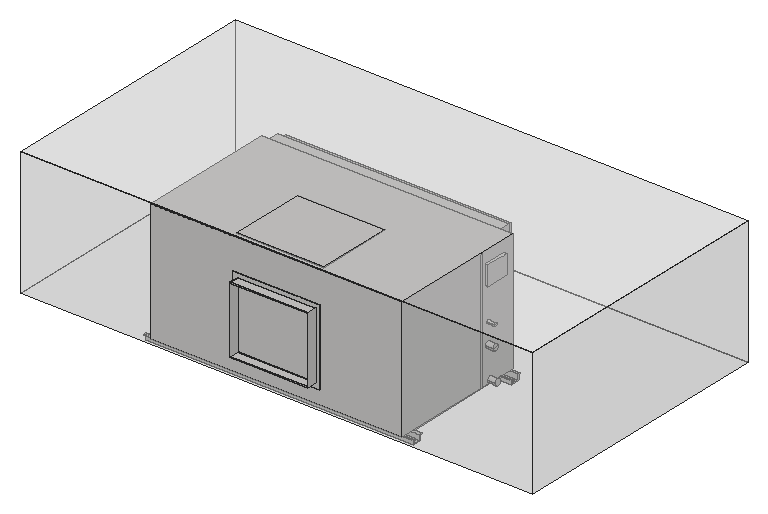
Revit family "outputfile", category 機械設備, Revit 2024
Family settings
  丸型コネクタ寸法 = 半径を使用
  パーツ タイプ = 標準
  OmniClass 番号 = 23.75.10.24.21.27.27
  OmniClass タイトル = Split System Air Conditioning Units
  作業面ベース = いいえ
  常に垂直 = はい
  ロード時にボイドで切り取り = いいえ
  注釈の向きを維持 = いいえ
  共有 = いいえ
  部屋計算ポイント = はい
Parameters (values of type "FBHN150HBY1C")
  Description = ""
  書き出し IFC クラス(タイプ) = "IfcUnitaryEquipmentType"
  定義済み IFC タイプ(タイプ) = "AIRCONDITIONINGUNIT"
  Cost = 0
  Type Comments = ""
  Keynote = ""
  Type Image = (empty or 0)
  Assembly Code = ""
  switch_frequency = yes
  lw_power = 780 mm
  lw_box = 21 mm
  lw_RA = 733.5 mm
  lh_liquidpipe_2 = 738 mm
  lh_height_SA = 408 mm
  lh_ld_mountinghole_height = 35 mm
  lh_height_RA = 646 mm
  lh_hangerfixture = 35 mm
  lh_gaspipe_2 = 638 mm
  lh_box_top = 65 mm
  lh_box = 120 mm
  lh_SA = 351 mm
  lh_RA = 413 mm
  ld_depth_SA = 60 mm
  ld_depth_RA = 130 mm
  ld_box_left = 630 mm
  ld_box = 141 mm
  connector_voltage = 0 V
  connector_powerinput = [Power Input (Cooling)]  # 14.800 kW
  connector_phase = 1
  Voltage_comment_50Hz = "380 - 415"
  Voltage_50Hz = 400 V
  URL = ""
  Supply Air Direction [instance] = yes
  製造元 = "Daikin"
  モデル = "FBHN150HBY1C"
  w_pipe = 33 mm
  r_Liquid Pipe Size = Liquid Pipe Size / 2  # 7.95 mm
  r_Gas Pipe Size = Gas Pipe Size / 2  # 17.45 mm
  r_Drain Pipe Size = Drain Pipe Size / 2  # 17.0 mm
  lw_width_RA = 1377 mm
  lw_width_SA = 474 mm
  ld_suctionflange [instance] = 190 mm
  ld_powersupply = 275 mm
  Sound Power Level_H speed (dB) = 0
  Phase_50Hz = 3
  Minimum External Static Pressure = 0.00 Pa
  Minimum Circuit Amps_50Hz = 0.0 A
  Maximum Fuse Amps_50Hz = 0.0 A
  Maximum External Static Pressure = 150.00 Pa
  Material_Casing = DAIKIN_GalvanizedSteel_Casing_indoorunit
  lw_liquidpipe = 822 mm
  lw_gaspipe = 822 mm
  lw_mountinghole_pitch = 1600 mm
  lw_mountinghole = 1640 mm
  lw_drainpipe = 822 mm
  lh_powersupply = 425 mm
  lh_liquidpipe = 384 mm
  lh_gaspipe = 259 mm
  lh_mountinghole = 2.3 mm
  lh_drainpipe = 61 mm
  lh_antena = Height - lh_mountinghole + 1 mm  # 774.7 mm
  ld_liquidpipe = 225 mm
  ld_gaspipe = 225 mm
  ld_mountinghole_pitch = 754 mm
  ld_drainpipe = 242 mm
  h*** = 0 mm  # constant formula
  d_dischargeflange = ld_depth_SA  # 60 mm
  Width = 1540 mm
  Version = "ver.1.0"
  Unit Type = "Duct"
  Unit Mass Weight = 159.00 kg
  Unit Designation [instance] = ""
  Uniclass2015Version = "Products v1.30"
  Uniclass2015Title = "Split coil room air conditioning units"
  Uniclass2015Code = "Pr_70_65_03_86"
  Total Cooling Capacity [instance] = 0.000 kW
  Sound Pressure Level_M speed (dBA) = 0
  Sound Pressure Level_L speed (dBA) = 0
  Sound Pressure Level_H speed (dBA) = 55
  Series = "Package Aircon_Fan Coil Unit"
  Sensible Cooling Capacity [instance] = 0.000 kW
  SA Duct Size Width = 474 mm
  SA Duct Size Height = 408 mm
  Refrigerant Type = "R410A"
  RA Duct Size Width = 1377 mm
  RA Duct Size Height = 646 mm
  Power Input (Cooling) = 14.800 kW
  Option Accessory 3 [instance] = ""
  Option Accessory 2 [instance] = ""
  Option Accessory 1 [instance] = ""
  Nominal Cooling Capacity = 44.000 kW
  Minimum Airflow = 0.00 m³/h
  Median Airflow = 0.00 m³/h
  Maximum Airflow = 7646.00 m³/h
  Load Classification = HVAC
  Liquid Pipe Size = 15.9 mm
  Link_Nested Family [instance] = ""
  IfcVersion = ""
  IfcExportType = "AIRCONDITIONINGUNIT"
  IfcExportAs = "IfcUnitaryEquipmentType"
  Height = 776 mm
  Heat Exchanger Type = "Cross Fin Coil"
  Gas Pipe Size = 34.9 mm
  Frequency_50Hz = 50 Hz
  Fan Type = "Sirocco Fan"
  Fan Drive = "-"
  FCU Tag No. [instance] = ""
  Drain Pipe Size = 34.0 mm
  Design Supply Airflow [instance] = 0.00 m³/h
  Design Return Airflow [instance] = 0.00 m³/h
  Design External Static Pressure [instance] = 0.00 Pa
  Depth = 850 mm
  既定の高さ = 0 mm
  Cooling Entering Wet Bulb Temperature [instance] = 0.00 °C
  Cooling Entering Dry Bulb Temperature [instance] = 0.00 °C
  Cooling Ambient Wet Bulb Temperature [instance] = 0.00 °C
  Cooling Ambient Dry Bulb Temperature [instance] = 0.00 °C
  Clearance visibility [instance] = yes
  Clearance Top = 0 mm
  Clearance Right = 800 mm
  Clearance Rear = 800 mm
  Clearance Left = 800 mm
  Clearance Front = 0 mm
  Clearance Bottom = 0 mm
Reference planes
  plane 1 "Center (Front/Back)": y = 0
  plane 2: z = 0
  plane 3 "Center (Left/Right)": x = 0
  plane 4 "Back": y = 425
  plane 5 "Front": y = -425
  plane 6 "Left": x = -770
  plane 7 "Right": x = 770
  plane 8 "Top": z = 0
  plane 9 "Bottom": z = -776
  plane 10: z = -392
  plane 11: z = -517
  plane 12: x = -800
  plane 13: x = 800
  plane 14: x = 822
  plane 15: x = 822
  plane 16: z = -773.7
  plane 17 "Clearance Left": x = -1570
  plane 18 "Clearance Right": x = 1570
  plane 19 "Clearance Rear": y = 1225
  plane 20 "Clearance Front": y = -425
  plane 21 "Clearance Bottom": z = -776
  plane 22: z = -715
  plane 23 "ld_gas": y = 225
  plane 24: y = 225
  plane 25: y = -30
  plane 26: y = 242
  plane 27: y = 235
  plane 28: x = 822
  plane 29: y = 377
  plane 30: y = -377
  plane 31: y = -485
  plane 32: y = 555
  plane 33 "Clearance Top": z = 0
  plane 34: z = -351
  plane 35: y = 275
  plane 36 "hangerfixture": z = -741
  plane 37 "lh_SA": z = -425
  plane 38 "lh_RA": z = -363
  plane 39 "RA_center": x = -36.5
  plane 40: x = 886
  plane 41: x = 791
  plane 42: y = 205
  plane 43: y = 346
  plane 44 "box_bottom": z = -185
  plane 45 "box_top": z = -65
  plane 46: x = -267
  plane 47: x = 267
  plane 48: y = -394.5
  plane 49: y = 73.5
  plane 50 "lw_power": x = 780
  plane 51: z = -38
  plane 52: z = -138
  plane 53: z = -1
Forms (mm)
  Extrusion 1, solid, material "DAIKIN_GalvanizedSteel_Casing_indoorunit" <- "Material_Casing"
    sketch origin (0, -0.8, 0) x (1, 0, 0) y (0, 1, 0)
      loop
        line (-770, -424.2) -> (770, -424.2) -> (770, 425.8) -> (-770, 425.8) -> (-770, -424.2)
    from -741 to -1
  Revolve 2, solid, material "DAIKIN_GalvanizedSteel_Casing_indoorunit" <- "Material_Casing"
    sketch origin (0, 0, -517) x (0, -1, 0) y (1, 0, 0)
      loop
        line (-207.55, 770) -> (-207.55, 822) -> (-225, 822) -> (-225, 770) -> (-207.55, 770)
      axis (-225, 770) -> (-225, 822)
    angle from 0 to 360
  Revolve 3, solid, material "DAIKIN_GalvanizedSteel_Casing_indoorunit" <- "Material_Casing"
    sketch origin (0, 0, -392) x (0, -1, 0) y (1, 0, 0)
      loop
        line (-225, 770) -> (-225, 822) -> (-232.95, 822) -> (-232.95, 770) -> (-225, 770)
      axis (-225, 822) -> (-225, 770)
    angle from 0 to 360
  Extrusion 4, solid, material "DAIKIN_GalvanizedSteel_Casing_indoorunit" <- "Material_Casing"
    sketch origin (0, 0, 0) x (0, 1, 0) y (0, 0, 1)
      loop
        circle (242, -715) r 17
    from 822 to 770
  Extrusion 5, solid, material "DAIKIN_GalvanizedSteel_Casing_indoorunit" <- "Material_Casing"
    sketch origin (0, 0, 0) x (1, 0, 0) y (0, 1, 0)
      loop
        line (791, 205) -> (791, 346) -> (770, 346) -> (770, 205) -> (791, 205)
    from -185 to -65
  Extrusion 6, solid, material "DAIKIN_GalvanizedSteel_Casing_indoorunit" <- "Material_Casing"
    sketch origin (0, 0, 0) x (-1, 0, 0) y (0, -1, 0)
      loop
        line (267, -73.5) -> (267, 394.5) -> (-267, 394.5) -> (-267, -73.5) -> (267, -73.5)
    from -1 to 0
  Extrusion 7, solid, material "DAIKIN_GalvanizedSteel_Casing_indoorunit" <- "Material_Casing"
    sketch origin (0, 0, 0) x (0, 1, 0) y (0, 0, 1)
      loop
        line (-339, -741) -> (-339, -743.3) -> (339, -743.3) -> (339, -741) -> (-339, -741)
    from -770 to 770
  Extrusion 8, solid, material "DAIKIN_GalvanizedSteel_Casing_indoorunit" <- "Material_Casing"
    sketch origin (770, 0, 0) x (0, 1, 0) y (0, 0, 1)
      loop
        line (174, -1) -> (174, -741) -> (184, -741) -> (184, -1) -> (174, -1)
    from 0 to 1
Dimensions and locks
  equal spacing: plane 12, plane 3 "Center (Left/Right)", plane 13
  "lw_mountinghole_pitch": plane 12 to plane 13
  "lh_liquidpipe": plane 10 to plane 9 "Bottom"
  "lh_gaspipe": plane 11 to plane 9 "Bottom"
  equal spacing: plane 6 "Left", plane 3 "Center (Left/Right)", plane 7 "Right"
  "Width": plane 6 "Left" to plane 7 "Right"
  "Clearance Right": plane 7 "Right" to plane 18 "Clearance Right"
  "Clearance Left": plane 17 "Clearance Left" to plane 6 "Left"
  "Clearance Rear": plane 19 "Clearance Rear" to plane 4 "Back"
  "Clearance Front": plane 5 "Front" to plane 20 "Clearance Front"
  "Depth": plane 4 "Back" to plane 5 "Front"
  equal spacing: plane 4 "Back", plane 1 "Center (Front/Back)", plane 5 "Front"
  "ld_suctionflange": plane 4 "Back" to plane 27
  "r_Liquid Pipe Size": nested 5 to Revolve 3 sketch curve
  equal spacing: plane 29, plane 1 "Center (Front/Back)", plane 30
  "ld_mountinghole_pitch": plane 29 to plane 30
  "lw_liquidpipe": plane 3 "Center (Left/Right)" to plane 14
  "lw_gaspipe": plane 3 "Center (Left/Right)" to plane 15
  "lw_drainpipe": plane 3 "Center (Left/Right)" to plane 28
  "lh_drainpipe": plane 22 to plane 9 "Bottom"
  "Clearance Top": plane 33 "Clearance Top" to plane 8 "Top"
  "Clearance Bottom": plane 9 "Bottom" to plane 21 "Clearance Bottom"
  "lh_powersupply": plane 34 to plane 9 "Bottom"
  level to plane 8 "Top" = 0 mm
  "lh_hangerfixture": plane 36 "hangerfixture" to plane 9 "Bottom"
  "lh_SA": plane 37 "lh_SA" to plane 9 "Bottom"
  "ld_depth_SA": plane 5 "Front" to plane 31
  "ld_depth_RA": plane 32 to plane 4 "Back"
  "lh_RA": plane 38 "lh_RA" to plane 9 "Bottom"
  "lw_RA": plane 6 "Left" to plane 39 "RA_center"
  "ld_box_left": plane 42 to plane 5 "Front"
  "ld_box": plane 43 to plane 42
  "lw_box": plane 7 "Right" to plane 41
  "lh_box": plane 45 "box_top" to plane 44 "box_bottom"
  plane 46 to plane 3 "Center (Left/Right)" to plane 47 = 267 mm locked, 267 mm locked
  plane 49 to plane 48 to plane 5 "Front" = 468 mm locked, 30.5 mm locked
  "lw_power": plane 3 "Center (Left/Right)" to plane 50 "lw_power"
  "lh_gaspipe_2": plane 52 to plane 9 "Bottom"
  "lh_liquidpipe_2": plane 51 to plane 9 "Bottom"
  "ld_powersupply": plane 1 "Center (Front/Back)" to plane 35
  "ld_drainpipe": plane 26 to plane 1 "Center (Front/Back)"
  "ld_gaspipe": plane 23 "ld_gas" to plane 1 "Center (Front/Back)"
  "r_Gas Pipe Size": plane 23 "ld_gas" to Revolve 2 sketch curve
  "ld_liquidpipe": plane 24 to plane 1 "Center (Front/Back)"
  "Height": plane 8 "Top" to plane 9 "Bottom"
  "lh_mountinghole": plane 16 to plane 9 "Bottom"
  locked: plane 8 "Top" to plane 53 at 1
  Extrusion 8 sketch curve to Extrusion 8 sketch curve to plane 4 "Back" = 10 mm locked, 241 mm locked
  "lh_box_top": plane 8 "Top" to plane 45 "box_top"
  "r_Drain Pipe Size": radius of Extrusion 4 sketch curve
  aligned and locked: level to plane 2
  aligned and locked: Revolve 2 sketch curve to Revolve 2 sketch curve
  aligned and locked: plane 14 to nested 5
  aligned and locked: nested 5 to plane 10
  aligned and locked: plane 13 to nested 2
  aligned and locked: plane 12 to nested 3
  aligned and locked: plane 12 to nested 4
  aligned and locked: nested 6 to plane 11
  aligned and locked: plane 23 "ld_gas" to nested 6
  aligned and locked: plane 24 to nested 5
  aligned and locked: Extrusion 4 sketch curve to plane 26
  aligned and locked: nested 11 to plane 19 "Clearance Rear"
  aligned and locked: plane 18 "Clearance Right" to nested 11
  aligned and locked: plane 17 "Clearance Left" to nested 11
  aligned and locked: nested 11 to plane 20 "Clearance Front"
  aligned and locked: plane 28 to Extrusion 4
  aligned and locked: plane 15 to nested 6  (x2)
  aligned and locked: plane 13 to nested 1
  aligned and locked: plane 26 to nested 7
  aligned and locked: nested 7 to plane 22
  aligned and locked: nested 7 to plane 28
  aligned and locked: nested 9 to plane 1 "Center (Front/Back)"
  aligned and locked: plane 3 "Center (Left/Right)" to nested 9
  aligned and locked: plane 29 to nested 1
  aligned and locked: plane 30 to nested 2
  aligned and locked: nested 4 to plane 29
  aligned and locked: nested 3 to plane 30
  aligned and locked: nested 10 to plane 4 "Back"
  aligned and locked: nested 8 to plane 31
  aligned and locked: plane 32 to nested 14
  aligned and locked: plane 3 "Center (Left/Right)" to nested 13
  aligned and locked: nested 11 to plane 33 "Clearance Top"
  aligned and locked: nested 11 to plane 21 "Clearance Bottom"
  aligned and locked: nested 12 to plane 9 "Bottom"
  aligned and locked: plane 36 "hangerfixture" to Extrusion 1
  aligned and locked: plane 37 "lh_SA" to nested 8
  aligned and locked: Extrusion 1 to plane 5 "Front"
  aligned and locked: nested 13 to plane 31
  aligned and locked: plane 37 "lh_SA" to nested 13
  aligned and locked: Extrusion 1 to plane 4 "Back"
  aligned and locked: plane 38 "lh_RA" to nested 10
  aligned and locked: nested 14 to plane 38 "lh_RA"
  aligned and locked: plane 39 "RA_center" to nested 10
  aligned and locked: nested 14 to plane 39 "RA_center"
  aligned and locked: plane 43 to Extrusion 5 sketch curve
  aligned and locked: Extrusion 5 sketch curve to plane 42
  aligned and locked: plane 45 "box_top" to Extrusion 5
  aligned and locked: Extrusion 5 to plane 44 "box_bottom"
  aligned and locked: Extrusion 6 sketch curve to plane 49
  aligned and locked: Extrusion 6 sketch curve to plane 46
  aligned and locked: plane 48 to Extrusion 6 sketch curve
  aligned and locked: plane 47 to Extrusion 6 sketch curve
  aligned and locked: nested 16 to plane 51
  aligned and locked: nested 17 to plane 52
  aligned and locked: plane 14 to nested 16
  aligned and locked: nested 15 to plane 35
  aligned and locked: Revolve 2 sketch curve to plane 23 "ld_gas"
  aligned and locked: plane 23 "ld_gas" to nested 17
  aligned and locked: plane 24 to nested 16
  aligned and locked: plane 36 "hangerfixture" to Extrusion 7 sketch curve
  aligned and locked: Extrusion 7 sketch curve to nested 12  (x3)
  aligned and locked: Extrusion 7 to plane 6 "Left"
  aligned and locked: plane 7 "Right" to Extrusion 7
  aligned and locked: nested 15 to plane 50 "lw_power"
  aligned and locked: level to plane 8 "Top"
  aligned and locked: Extrusion 5 sketch curve to plane 41
  aligned and locked: plane 7 "Right" to Extrusion 5 sketch curve
  aligned and locked: plane 53 to Extrusion 1
  aligned and locked: Extrusion 6 to plane 53
  aligned and locked: plane 8 "Top" to Extrusion 6
  aligned and locked: Extrusion 4 to plane 7 "Right"
  aligned and locked: Revolve 3 to plane 7 "Right"
  aligned and locked: plane 7 "Right" to Revolve 2
  aligned and locked: nested 15 to plane 45 "box_top"
  aligned and locked: Extrusion 8 sketch curve to plane 36 "hangerfixture"
  aligned and locked: Extrusion 8 sketch curve to plane 53
Automatic sketch dimensions
  Extrusion 1 sketch curve to plane 4 "Back" = 0 mm
  Extrusion 1 sketch curve to plane 6 "Left" = 0 mm
  Extrusion 1 sketch curve to plane 5 "Front" = 0 mm
  Extrusion 1 sketch curve to plane 7 "Right" = 0 mm
  Revolve 3 sketch curve to plane 23 "ld_gas" = 0 mm  (x2)
  Revolve 3 sketch curve to plane 14 = 0 mm  (x2)
  plane 7 "Right" to Revolve 3 sketch curve = 0 mm
  plane 7 "Right" to Revolve 3 sketch curve = 1 mm
  Extrusion 4 sketch curve to plane 22 = 0 mm
  Revolve 2 sketch curve to plane 7 "Right" = 0 mm
  Revolve 2 sketch curve to plane 14 = 0 mm
  Revolve 2 sketch curve to Revolve 2 sketch curve = 2.003 mm
  plane 14 to Revolve 2 sketch curve = 1.003 mm
Nested families
  nested 1: "daikin_mountinghole" at (800, 377, -776), Link_Nested Family <- "Link_Nested Family", h_mountinghole <- "lh_mountinghole", l_antenna <- "lh_antena", type "daikin_mountinghole"
    with show yes, l_antenna 774.7 mm, h_mountinghole 2.3 mm, Link_Nested Family "", d_circle 23 mm
  nested 2: "daikin_mountinghole" at (800, -377, -776), Link_Nested Family <- "Link_Nested Family", h_mountinghole <- "lh_mountinghole", l_antenna <- "lh_antena", type "daikin_mountinghole"
    with show yes, l_antenna 774.7 mm, h_mountinghole 2.3 mm, Link_Nested Family "", d_circle 23 mm
  nested 3: "daikin_mountinghole" at (-800, -377, -776), Link_Nested Family <- "Link_Nested Family", h_mountinghole <- "lh_mountinghole", l_antenna <- "lh_antena", type "daikin_mountinghole"
    with show yes, l_antenna 774.7 mm, h_mountinghole 2.3 mm, Link_Nested Family "", d_circle 23 mm
  nested 4: "daikin_mountinghole" at (-800, 377, -776), Link_Nested Family <- "Link_Nested Family", h_mountinghole <- "lh_mountinghole", l_antenna <- "lh_antena", type "daikin_mountinghole"
    with show yes, l_antenna 774.7 mm, h_mountinghole 2.3 mm, Link_Nested Family "", d_circle 23 mm
  nested 5: "daikin_connector_rotate2" at (0, 225, -392) x (0, 1, 0) z (0, 0, 1), length <- "lw_liquidpipe", built-in parameter 1001364 <- "lh_liquidpipe", radius <- "r_Liquid Pipe Size", type "daikin_connector_rotate2"
    with radius 7.95 mm, length 822 mm, angle_vertical 90.00°
  nested 6: "daikin_connector_rotate2" at (0, 225, -517) x (0, 1, 0) z (0, 0, 1), length <- "lw_gaspipe", built-in parameter 1001364 <- "lh_gaspipe", radius <- "r_Gas Pipe Size", type "daikin_connector_rotate2"
    with radius 17.45 mm, length 822 mm, angle_vertical 90.00°
  nested 7: "daikin_connector_rotate2" at (0, 242, -715) x (0, 1, 0) z (0, 0, 1), built-in parameter 1001364 <- "lh_drainpipe", length <- "lw_drainpipe", radius <- "r_Drain Pipe Size", type "daikin_connector_rotate2"
    with radius 17 mm, length 822 mm, angle_vertical 90.00°
  nested 8: "daikin_connector_rotate2" at (0, -425, -425), length <- "d_dischargeflange", type "daikin_connector_rotate2"
    with radius 10 mm, length 60 mm, angle_vertical 90.00°
  nested 9: "daikin_△_symbolicline" at (-75, -129.904, 9) x (-0.5, 0.866, 0) z (0, 0, 1), visible <- "Supply Air Direction", type "daikin_△_symbolicline"
    with length 300 mm
  nested 10: "daikin_ductflange_FBHN-HBY1C" at (-36.5, 425, -363), material <- "Material_Casing", width <- "lw_width_RA", height <- "lh_height_RA", depth <- "ld_depth_RA", type "daikin_ductflange_FBHN-HBY1C"
    with width 1377 mm, material DAIKIN_GalvanizedSteel_Casing_indoorunit, height 646 mm, depth 130 mm
  nested 11: "daikin_clearancespace" at (0, 400, -387.881), visible <- "Clearance visibility", show <- "Clearance visibility", Link_Nested Family <- "Link_Nested Family", type "daikin_clearancespace"
    with width 3140 mm, show yes, height 776 mm, depth 1650 mm, Link_Nested Family ""
  nested 12: "daikin_hangerfixture_FBHN-HBY1C" at (0, 0, -776), type "daikin_hangerfixture_FBHN-HBY1C"
  nested 13: "daikin_ductflange_FBHN-HBY1C_1" at (0, -416, -614.401), width <- "lw_width_SA", material <- "Material_Casing", height <- "lh_height_SA", depth <- "ld_depth_SA", type "daikin_ductflange_FBHN-HBY1CL_1"
    with width 474 mm, material DAIKIN_GalvanizedSteel_Casing_indoorunit, height 408 mm, depth 60 mm
  nested 14: "daikin_connector_rotate2" at (-36.5, 425, -363) x (-1, 0, 0) z (0, 0, 1), length <- "ld_depth_RA", type "daikin_connector_rotate2"
    with radius 10 mm, length 130 mm, angle_vertical 90.00°
  nested 15: "daikin_connector_rotate2" at (780, 275, -65) x (0, 1, 0) z (1, 0, 0), length <- "lh_box", type "daikin_connector_rotate2"
    with radius 10 mm, length 120 mm, angle_vertical 90.00°
  nested 16: "daikin_connector_rotate2" at (0, 225, -38) x (0, 1, 0) z (0, 0, 1), length <- "lw_liquidpipe", built-in parameter 1001364 <- "lh_liquidpipe", radius <- "r_Liquid Pipe Size", type "daikin_connector_rotate2"
    with radius 7.95 mm, length 822 mm, angle_vertical 90.00°
  nested 17: "daikin_connector_rotate2" at (0, 225, -138) x (0, 1, 0) z (0, 0, 1), length <- "lw_gaspipe", built-in parameter 1001364 <- "lh_gaspipe", radius <- "r_Gas Pipe Size", type "daikin_connector_rotate2"
    with radius 17.45 mm, length 822 mm, angle_vertical 90.00°
Connectors
  piping at (822, 225, -517), diameter 34.9, driven by "r_Gas Pipe Size"
    settings: on nested 6, index 1, connector inside diameter 609.6 mm, connector length 0 mm, flow factor 0, pipe flow 0.00 m³/h, pressure drop 0.0 Pa, fitting loss kfactor 0, connector angle 0.00°, fixture units 0, engagement length 0 mm, angle of deflection 0.00°, flow configuration 1, flow direction 2, fitting loss method 0, system type 29, joint type 0, gender type 0, connector reference index -1, connector utility 0, adjustable connector no, is connector primary yes, connector description "Refrigerant Gas Piping"
  piping at (822, 225, -392), diameter 15.9, driven by "r_Liquid Pipe Size"
    settings: on nested 5, index 2, connector inside diameter 609.6 mm, connector length 0 mm, flow factor 0, pipe flow 0.00 m³/h, pressure drop 0.0 Pa, fitting loss kfactor 0, connector angle 0.00°, fixture units 0, engagement length 0 mm, angle of deflection 0.00°, flow configuration 1, flow direction 1, fitting loss method 0, system type 29, joint type 0, gender type 0, connector reference index -1, connector utility 0, adjustable connector no, is connector primary no, connector description "Refrigerant Liquid Piping"
  piping at (822, 242, -715), diameter 34, driven by "r_Drain Pipe Size"
    settings: on nested 7, index 3, connector inside diameter 609.6 mm, connector length 0 mm, flow factor 0, pipe flow 0.00 m³/h, pressure drop 0.0 Pa, fitting loss kfactor 0, connector angle 0.00°, fixture units 0, engagement length 0 mm, angle of deflection 0.00°, flow configuration 1, flow direction 2, fitting loss method 4, system type 16, joint type 0, gender type 0, connector reference index -1, connector utility 0, adjustable connector no, is connector primary no, connector description "Condensate Drain Piping"
  hvac at (0, -485, -425), driven by "SA Duct Size Height", driven by "SA Duct Size Width"
    settings: on nested 8, index 7, duct flow 0.00 m³/h, flow factor 0, pres drop 0.00 Pa, loss coef 0, conn angle 0.00°, conn width 474.0 mm, conn height 408.0 mm, conn diameter 609.6 mm, duct sys type 1, conn prof type 1, flow config 0, flow direction 2, loss method 4, conn ref index -1, conn util no, is conn primary yes, conn desc "SA Duct"
  hvac at (-36.5, 555, -363), driven by "RA Duct Size Width", driven by "RA Duct Size Height"
    settings: on nested 14, index 8, duct flow 0.00 m³/h, flow factor 0, pres drop 0.00 Pa, loss coef 0, conn angle 0.00°, conn width 1377.0 mm, conn height 646.0 mm, conn diameter 609.6 mm, duct sys type 2, conn prof type 1, flow config 0, flow direction 1, loss method 4, conn ref index -1, conn util no, is conn primary no, conn desc "RA Duct"
  electrical at (780, 275, -185), driven by "Load Classification", driven by "connector_phase", driven by "connector_powerinput", driven by "connector_voltage"
    settings: on nested 15, index 9, voltage 0 V, apparent load 14800 VA, apparent load phase1 0 VA, apparent load phase2 0 VA, apparent load phase3 0 VA, power factor 1, load classification "HVAC", number of poles 1, system type 30, power factor state 1, is connector primary yes, connector utility no, sub classification motor no, connector description "Power Supply"
Definition of nested family "daikin_ductflange_FBHN-HBY1C"
  Parameters (values of type "daikin_ductflange_FDN-HTL")
    width [instance] = 1624 mm
    t2 = 19 mm
    t = 1 mm
    material [instance] = none
    height [instance] = 747 mm
    depth [instance] = 130 mm
    Default Elevation = 0 mm
  Reference planes
    plane 1 "Center (Front/Back)": y = 0
    plane 2: z = 0
    plane 3 "Center (Left/Right)": x = 0
    plane 4: x = -812
    plane 5: x = 812
    plane 6: z = 373.5
    plane 7: z = -373.5
    plane 8: y = 90
    plane 9: y = 130
    plane 10: x = -811
    plane 11: x = 811
    plane 12: z = -372.5
    plane 13: z = 372.5
    plane 14: x = -831
    plane 15: x = 831
    plane 16: z = 392.5
    plane 17: z = -392.5
  Forms (mm)
    Extrusion 1, solid, material <- "material"
      sketch origin (0, 0, 0) x (1, 0, 0) y (0, 0, 1)
        loop
          line (-831, 392.5) -> (-831, -392.5) -> (831, -392.5) -> (831, 392.5) -> (-831, 392.5)
        loop
          line (-812, 373.5) -> (-812, -373.5) -> (812, -373.5) -> (812, 373.5) -> (-812, 373.5)
      from 0 to -90
    Extrusion 2, solid, material <- "material"
      sketch origin (0, 0, 0) x (1, 0, 0) y (0, 0, 1)
        loop
          line (-812, 373.5) -> (-812, -373.5) -> (812, -373.5) -> (812, 373.5) -> (-812, 373.5)
        loop
          line (811, 372.5) -> (-811, 372.5) -> (-811, -372.5) -> (811, -372.5) -> (811, 372.5)
      from -130 to -90
  Cuts and joins
    joined: Extrusion 1, Extrusion 2
  Dimensions and locks
    equal spacing: plane 5, plane 3 "Center (Left/Right)", plane 4
    "width": plane 5 to plane 4
    equal spacing: plane 6, level, plane 7
    "height": plane 6 to plane 7
    locked: plane 1 "Center (Front/Back)" to plane 8 at 90
    "depth": plane 1 "Center (Front/Back)" to plane 9
    "t": plane 6 to plane 13
    "t": plane 12 to plane 7
    "t": plane 5 to plane 11
    "t": plane 10 to plane 4
    "t2": plane 4 to plane 14
    "t2": plane 15 to plane 5
    "t2": plane 16 to plane 6
    "t2": plane 7 to plane 17
    aligned and locked: level to plane 2
    aligned and locked: Extrusion 1 to plane 8
    aligned and locked: plane 1 "Center (Front/Back)" to Extrusion 1
    aligned and locked: Extrusion 2 to plane 9
    aligned and locked: Extrusion 2 to Extrusion 1
    aligned and locked: plane 13 to Extrusion 2 sketch curve
    aligned and locked: plane 11 to Extrusion 2 sketch curve
    aligned and locked: Extrusion 2 sketch curve to plane 12
    aligned and locked: Extrusion 2 sketch curve to plane 10
    aligned and locked: Extrusion 1 sketch curve to plane 16
    aligned and locked: plane 14 to Extrusion 1 sketch curve
    aligned and locked: plane 17 to Extrusion 1 sketch curve
    aligned and locked: Extrusion 1 sketch curve to plane 15
    aligned and locked: Extrusion 1 sketch curve to plane 6
    aligned and locked: Extrusion 1 sketch curve to plane 5
    aligned and locked: plane 4 to Extrusion 1 sketch curve
    aligned and locked: plane 7 to Extrusion 1 sketch curve
  Automatic sketch dimensions
    Extrusion 2 sketch curve to plane 4 = 0 mm
    Extrusion 2 sketch curve to plane 5 = 0 mm
    Extrusion 2 sketch curve to plane 7 = 0 mm
    Extrusion 2 sketch curve to plane 6 = 0 mm
Definition of nested family "daikin_clearancespace"
  Parameters (values of type "daikin_clearancespace")
    Description = "daikin_clearancespace"
    width [instance] = 1823.963 mm
    show [instance] = yes
    material = none
    height [instance] = 1359.762 mm
    depth [instance] = 880 mm
    Default Elevation = 0 mm
    Link_Nested Family [instance] = ""
  Reference planes
    plane 1 "Center (Front/Back)": y = 0
    plane 2 "Center (Elevation)": z = -0.119
    plane 3 "Center (Left/Right)": x = 0
    plane 4: y = 440
    plane 5: y = -440
    plane 6 "Right": x = 911.982
    plane 7 "Left": x = -911.982
    plane 8 "Top": z = 679.762
    plane 9 "Bottom": z = -680
  Forms (mm)
    Extrusion 1, solid, material <- "material", visible <- "show"
      sketch origin (0, 0, 0) x (1, 0, 0) y (0, 1, 0)
        loop
          line (-911.982, 440) -> (-911.982, -440) -> (911.982, -440) -> (911.982, 440) -> (-911.982, 440)
      from -680 to 679.762
  Lines and regions (mm)
    symbolic lines, visible <- "show"
      curve 1: line (911.982, 440, 0) -> (-911.982, 440, 0)
      curve 2: line (-911.982, 440, 0) -> (-911.982, -440, 0)
      curve 3: line (-911.982, -440, 0) -> (911.982, -440, 0)
      curve 4: line (911.982, -440, 0) -> (911.982, 440, 0)
      curve 5: line (911.982, 0, 679.762) -> (-911.982, 0, 679.762)
      curve 6: line (911.982, 0, -680) -> (911.982, 0, 679.762)
      curve 7: line (-911.982, 0, -680) -> (911.982, 0, -680)
      curve 8: line (-911.982, 0, 679.762) -> (-911.982, 0, -680)
      curve 9: line (0, 440, 679.762) -> (0, -440, 679.762)
      curve 10: line (0, -440, 679.762) -> (0, -440, -680)
      curve 11: line (0, 440, -680) -> (0, 440, 679.762)
      curve 12: line (0, -440, -680) -> (0, 440, -680)
  Dimensions and locks
    "width": plane 7 "Left" to plane 6 "Right"
    "depth": plane 4 to plane 5
    "height": plane 8 "Top" to plane 9 "Bottom"
    equal spacing: plane 7 "Left", plane 3 "Center (Left/Right)", plane 6 "Right"
    equal spacing: plane 4, plane 1 "Center (Front/Back)", plane 5
    equal spacing: plane 8 "Top", plane 2 "Center (Elevation)", plane 9 "Bottom"
    aligned and locked: level to plane 2 "Center (Elevation)"
    aligned and locked: Extrusion 1 sketch curve to plane 4
    aligned and locked: plane 7 "Left" to Extrusion 1 sketch curve
    aligned and locked: Extrusion 1 sketch curve to plane 5
    aligned and locked: Extrusion 1 sketch curve to plane 6 "Right"
    aligned and locked: plane 8 "Top" to Extrusion 1
    aligned and locked: curve 1 to Extrusion 1
    aligned and locked: curve 2 to Extrusion 1
    aligned and locked: curve 3 to Extrusion 1
    aligned and locked: curve 4 to Extrusion 1
    aligned and locked: curve 5 to Extrusion 1
    aligned and locked: curve 6 to Extrusion 1
    aligned and locked: curve 7 to Extrusion 1
    aligned and locked: curve 8 to Extrusion 1
    aligned and locked: curve 9 to Extrusion 1
    aligned and locked: curve 10 to Extrusion 1
    aligned and locked: curve 11 to Extrusion 1
    aligned and locked: curve 12 to Extrusion 1
    aligned and locked: Extrusion 1 to plane 9 "Bottom"
Definition of nested family "daikin_hangerfixture_FBHN-HBY1C"
  Parameters (values of type "daikin_hangerfixture_FDN-HTL")
    width = 1600 mm
    material = none
    height = 35 mm
    e = 38 mm
    depth = 754 mm
    Default Elevation = 0 mm
    G = 1640 mm
    E = 50 mm
  Reference planes
    plane 1 "Center (Front/Back)": y = 0
    plane 2: z = 0
    plane 3 "Center (Left/Right)": x = 0
    plane 4: x = 800
    plane 5: x = -800
    plane 6: z = 35
    plane 7: y = 377
    plane 8: y = -377
    plane 9: x = -820
    plane 10: x = 820
    plane 11: y = 415
    plane 12: y = -415
    plane 13: y = -339
    plane 14: y = 339
  Forms (mm)
    Extrusion 1, solid
      sketch origin (0, 0, 0) x (0, 1, 0) y (0, 0, 1)
        loop
          line (-354, 35) -> (-354, 2.3) -> (-400, 2.3) -> (-400, 35) -> (-415, 35) -> (-415, 32.7) -> (-402.3, 32.7) -> (-402.3, 0) -> (-351.7, 0) -> (-351.7, 32.7) -> (-339, 32.7) -> (-339, 35) -> (-354, 35)
        loop
          line (354, 35) -> (339, 35) -> (339, 32.7) -> (351.7, 32.7) -> (351.7, 0) -> (402.3, 0) -> (402.3, 32.7) -> (415, 32.7) -> (415, 35) -> (400, 35) -> (400, 2.3) -> (354, 2.3) -> (354, 35)
      from -820 to 820
    Extrusion 2, void
      sketch origin (0, 0, 0) x (1, 0, 0) y (0, 1, 0)
        loop
          circle (-800, 377) r 7.5
        loop
          circle (-800, -377) r 7.5
        loop
          circle (800, -377) r 7.5
        loop
          circle (800, 377) r 7.5
      from 0 to 9
  Cuts and joins
    Extrusion 2 cuts Extrusion 1
  Dimensions and locks
    "width": plane 5 to plane 4
    equal spacing: plane 5, plane 3 "Center (Left/Right)", plane 4
    "depth": plane 8 to plane 7
    equal spacing: plane 8, plane 1 "Center (Front/Back)", plane 7
    "height": plane 6 to level
    "e": plane 7 to plane 11
    "e": plane 12 to plane 8
    equal spacing: Extrusion 1 sketch curve, plane 8, Extrusion 1 sketch curve  (x2)
    "e": Extrusion 1 sketch curve to plane 8 to Extrusion 1 sketch curve
    locked: Extrusion 1 sketch curve to level at 2.3  (x2)
    "e": plane 7 to Extrusion 1 sketch curve  (x2)
    equal spacing: Extrusion 1 sketch curve, plane 7, Extrusion 1 sketch curve  (x2)
    equal spacing: plane 9, plane 3 "Center (Left/Right)", plane 10
    "G": plane 9 to plane 10
    aligned and locked: level to plane 2
    aligned and locked: plane 6 to Extrusion 1 sketch curve  (x2)
    aligned and locked: Extrusion 1 sketch curve to level
    aligned and locked: level to Extrusion 1 sketch curve
    aligned and locked: Extrusion 1 to plane 9
    aligned and locked: plane 10 to Extrusion 1
    aligned and locked: plane 7 to Extrusion 2 sketch curve  (x2)
    aligned and locked: plane 5 to Extrusion 2 sketch curve  (x2)
    aligned and locked: plane 8 to Extrusion 2 sketch curve  (x2)
    aligned and locked: plane 4 to Extrusion 2 sketch curve  (x2)
    aligned and locked: cut or joined group of Extrusion 1, Extrusion 2 to plane 14  (x2)
    aligned and locked: plane 13 to cut or joined group of Extrusion 1, Extrusion 2
  Automatic sketch dimensions
    Extrusion 1 sketch curve to plane 6 = 0 mm  (x2)
    Extrusion 1 sketch curve to plane 6 = 2.3 mm  (x3)
    Extrusion 1 sketch curve to plane 12 = 12.7 mm
    Extrusion 1 sketch curve to Extrusion 1 sketch curve = 2.3 mm  (x3)
    plane 14 to Extrusion 1 sketch curve = 12.7 mm
    radius of Extrusion 2 sketch curve = 7.5 mm  (x4)
Definition of nested family "daikin_ductflange_FBHN-HBY1C_1"
  Parameters (values of type "daikin_ductflange_FDN-HTL_1")
    width [instance] = 474 mm
    t3 = 9 mm
    t2 = 30 mm
    t [instance] = 1.2 mm
    material [instance] = none
    height [instance] = 408 mm
    depth [instance] = 60 mm
    Default Elevation = 0 mm
  Reference planes
    plane 1 "Center (Front/Back)": y = 0
    plane 2: z = 189.401
    plane 3 "Center (Left/Right)": x = 0
    plane 4: y = 0
    plane 5: y = -69
    plane 6: y = -9
    plane 7: z = 394.601
    plane 8: z = -15.799
    plane 9: x = -237
    plane 10: x = 237
    plane 11: x = -238.2
    plane 12: x = 238.2
    plane 13: z = 393.401
    plane 14: z = -14.599
    plane 15: x = -267
    plane 16: z = 423.401
    plane 17: z = -44.599
    plane 18: x = 267
  Forms (mm)
    Extrusion 1, solid, material <- "material"
      sketch origin (0, 0, 0) x (1, 0, 0) y (0, 0, 1)
        loop
          line (-238.2, 394.601) -> (-238.2, -15.799) -> (238.2, -15.799) -> (238.2, 394.601) -> (-238.2, 394.601)
        loop
          line (-237, 393.401) -> (-237, -14.599) -> (237, -14.599) -> (237, 393.401) -> (-237, 393.401)
      from 9 to 69
    Extrusion 2, solid, material <- "material"
      sketch origin (0, 0, 0) x (1, 0, 0) y (0, 0, 1)
        loop
          line (-267, 423.401) -> (-267, -44.599) -> (267, -44.599) -> (267, 423.401) -> (-267, 423.401)
        loop
          line (-237, 393.401) -> (-237, -14.599) -> (237, -14.599) -> (237, 393.401) -> (-237, 393.401)
      from 0 to 9
  Cuts and joins
    joined: Extrusion 1, Extrusion 2
  Dimensions and locks
    plane 4 to plane 1 "Center (Front/Back)" = 0 mm
    equal spacing: plane 7, level, plane 8
    "height": plane 13 to plane 14
    equal spacing: plane 10, plane 3 "Center (Left/Right)", plane 9
    "t": plane 9 to plane 11
    "t": plane 12 to plane 10
    "t": plane 7 to plane 13
    "t": plane 14 to plane 8
    "t2": plane 9 to plane 15
    "t2": plane 18 to plane 10
    "t2": plane 16 to plane 13
    "t2": plane 14 to plane 17
    "width": plane 10 to plane 9
    "depth": plane 5 to plane 6
    "t3": plane 6 to plane 4
    aligned and locked: level to plane 2
    aligned and locked: Extrusion 1 sketch curve to plane 7
    aligned and locked: plane 11 to Extrusion 1 sketch curve
    aligned and locked: plane 8 to Extrusion 1 sketch curve
    aligned and locked: Extrusion 1 sketch curve to plane 12
    aligned and locked: Extrusion 1 sketch curve to plane 13
    aligned and locked: plane 9 to Extrusion 1 sketch curve
    aligned and locked: plane 14 to Extrusion 1 sketch curve
    aligned and locked: Extrusion 1 sketch curve to plane 10
    aligned and locked: plane 6 to Extrusion 1
    aligned and locked: Extrusion 1 to plane 5
    aligned and locked: Extrusion 2 sketch curve to plane 16
    aligned and locked: plane 15 to Extrusion 2 sketch curve
    aligned and locked: plane 17 to Extrusion 2 sketch curve
    aligned and locked: Extrusion 2 sketch curve to plane 18
    aligned and locked: Extrusion 2 sketch curve to Extrusion 1  (x4)
    aligned and locked: Extrusion 2 to plane 1 "Center (Front/Back)"
    aligned and locked: Extrusion 2 to plane 6
  Automatic sketch dimensions
    Extrusion 2 sketch curve to plane 15 = 0 mm
Definition of nested family "daikin_mountinghole"
  Parameters (values of type "daikin_mountinghole")
    Default Elevation = 1219.2 mm
    Type Comments = "mountinghole"
    show [instance] = yes
    material = none
    l_centerline = 100 mm
    l_antenna [instance] = 100 mm
    h_mountinghole [instance] = 0 mm
    d_circle = 30 mm
    Link_Nested Family [instance] = ""
  Reference planes
    plane 1 "Center (Front/Back)": y = 0
    plane 2: z = 0
    plane 3 "Center (Left/Right)": x = 0
    plane 4: y = 50
    plane 5: x = -50
    plane 6: x = 50
    plane 7: y = -50
    plane 8 "h_mountinghole": z = 0
    plane 9: z = 100
  Lines and regions (mm)
    model lines, detail levels fine
      curve 1: circle (0, 0, 0) r 15 normal (0, 0, 1)
      curve 2: line (-50, 0, 0) -> (50, 0, 0)
      curve 3: line (0, 50, 0) -> (0, -50, 0)
    symbolic lines, detail levels fine
      curve 4: circle (0, 0, 0) r 15 normal (0, 0, 1)
      curve 5: line (-50, 0, 0) -> (50, 0, 0)
      curve 6: line (0, 50, 0) -> (0, -50, 0)
    model lines
      curve 7: line (0, 0, 100) -> (0, 0, 0)
  Dimensions and locks
    equal spacing: plane 4, plane 1 "Center (Front/Back)", plane 7
    "l_centerline": plane 4 to plane 7
    equal spacing: plane 5, plane 3 "Center (Left/Right)", plane 6
    "l_centerline": plane 5 to plane 6
    "l_antenna": plane 9 to plane 8 "h_mountinghole"
    "h_mountinghole": plane 8 "h_mountinghole" to plane 2
    "d_circle": diameter of curve 1
    "d_circle": diameter of curve 4
    aligned and locked: level to plane 2
    aligned and locked: plane 1 "Center (Front/Back)" to curve 1
    aligned and locked: plane 3 "Center (Left/Right)" to curve 1
    aligned and locked: plane 1 "Center (Front/Back)" to curve 2
    aligned and locked: curve 3 to plane 3 "Center (Left/Right)"
    aligned and locked: plane 6 to curve 2
    aligned and locked: plane 5 to curve 2
    aligned and locked: plane 4 to curve 3
    aligned and locked: plane 7 to curve 3
    aligned and locked: plane 1 "Center (Front/Back)" to curve 4
    aligned and locked: plane 3 "Center (Left/Right)" to curve 4
    aligned and locked: plane 6 to curve 5
    aligned and locked: plane 5 to curve 5
    aligned and locked: plane 1 "Center (Front/Back)" to curve 5
    aligned and locked: plane 4 to curve 6
    aligned and locked: plane 7 to curve 6
    aligned and locked: curve 6 to plane 3 "Center (Left/Right)"
    aligned and locked: curve 7 to plane 3 "Center (Left/Right)"
    aligned and locked: plane 9 to curve 7
    aligned and locked: plane 8 "h_mountinghole" to curve 7
Definition of nested family "daikin_connector_rotate2"
  Parameters (values of type "daikin_connector_rotate2")
    show_face = no
    radius [instance] = 10 mm
    length [instance] = 600 mm
    d_surface = 10 mm
    angle_vertical [instance] = 90.00°
    Default Elevation = 0 mm
  Reference planes
    plane 1 "Center (Front/Back)": y = 0
    plane 2: z = 0
    plane 3 "Center (Left/Right)": x = 0
  Forms (mm)
    Extrusion 1, solid, visible <- "show_face"
      sketch origin (0, -600, 0) x (1, 0, 0) y (0, 0, 1)
        loop
          circle (0, 0) r 10
      from 0 to -10
  Lines and regions (mm)
    reference lines
      curve 1: line (0, 0, 0) -> (0, -600, 0)
    symbolic lines
      curve 2: circle (0, 0, 0) r 5 normal (0, 0, 1)
    model lines, visible <- "show_face"
      curve 3: line (0, 0, 0) -> (0, -600, 0)
  Dimensions and locks
    "length": curve 1 to curve 1
    "length": curve 3 to curve 3
    "d_surface": Extrusion 1 to Extrusion 1
    "radius": radius of Extrusion 1 sketch curve
    "angle_vertical": angle curve 1 to plane 1 "Center (Front/Back)"
    "angle_vertical": angle curve 3 to plane 1 "Center (Front/Back)"
    aligned and locked: level to plane 2
    aligned and locked: plane 1 "Center (Front/Back)" to curve 1
    aligned and locked: plane 2 to curve 1
    aligned and locked: plane 1 "Center (Front/Back)" to curve 2
    aligned and locked: plane 3 "Center (Left/Right)" to curve 2
    aligned and locked: plane 1 "Center (Front/Back)" to curve 3
    aligned and locked: plane 2 to curve 3
    aligned and locked: Extrusion 1 to Extrusion 1
  Automatic sketch dimensions
    Extrusion 1 sketch curve to level = 0 mm
    Extrusion 1 sketch curve to plane 3 "Center (Left/Right)" = 0 mm
    radius of curve 2 = 5 mm
Definition of nested family "daikin_△_symbolicline"
  Parameters (values of type "daikin_△_symbolicline")
    length [instance] = 500 mm
    Default Elevation = 0 mm
  Reference planes
    plane 1 "Center (Front/Back)": y = 0
    plane 2: z = 0
    plane 3 "Center (Left/Right)": x = 0
  Lines and regions (mm)
    symbolic lines
      curve 1: line (0, -433.013, 0) -> (250, 0, 0)
      curve 2: line (250, 0, 0) -> (-250, 0, 0)
      curve 3: line (-250, 0, 0) -> (0, -433.013, 0)
  Dimensions and locks
    equal spacing: curve 3, plane 3 "Center (Left/Right)", curve 2
    "length": curve 3 to curve 2
    "length": curve 3 to curve 3
    "length": curve 1 to curve 1
    aligned and locked: level to plane 2
    aligned and locked: curve 2 to plane 1 "Center (Front/Back)"
    aligned and locked: plane 3 "Center (Left/Right)" to curve 3
